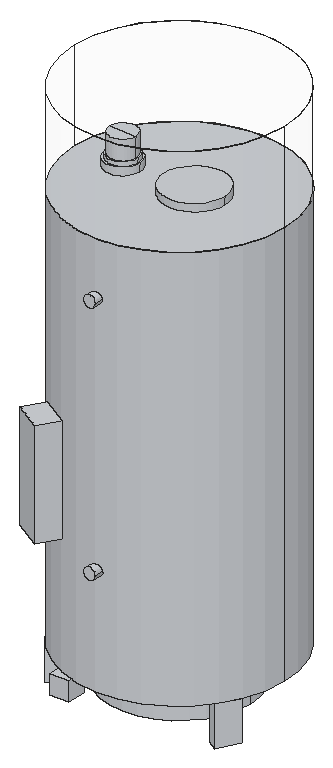
Revit family
Parameters (values of type "CXN120 070")
  water outlet radius = 3/4"
  water inlet radius = 3/4"
  water inlet/outlet length = radius + 1"  # 14 7/8"
  gas conn radius = 3/8"
  gas conn offset = radius * sin(15.00°)  # 3.59111"
  E_Gas conn height = 4 1/4"
  D_water inlet height = 19 11/16"
  vent radius = 2 1/2"
  top clearance = 12"
  tank height = A_HEIGHT - 4"  # 59"
  flue dimension = vent radius + 6"  # 8 1/2"
  bottom of tank radius = radius - 4 1/2"  # 9 3/8"
  bottom of tank height = -1 * feet height + 1"  # -4 1/4"
  SES BIM Studio # = "201264902-43"
  URL = "http://www.lochinvar.com/products/Default.aspx?type=ProductLine&lineid=188"
  Model = "CXN120 070"
  Manufacturer = "Lochinvar"
  MODEL NO. = "CXN120 070"
  GALLON CAPACITY = "71"
  feet height = E_Gas conn height + 1"  # 5 1/4"
  C_water oultlet height = 52"
  B_DIAMETER = radius * 2  # 27 3/4"
  INPUT RATE (BTUH) = "120,000"
  A_HEIGHT = 63"
  FUEL TYPE = "NATURAL GAS"
  Description = "Commercial Water Heater"
  Fuel Type = "Natrual Gas"
  radius = 13 7/8"
Types (10): name | gas conn radius | E_Gas conn height | D_water inlet height | vent radius | tank height | flue dimension | bottom of tank height | Model | MODEL NO. | GALLON CAPACITY | feet height | C_water oultlet height | INPUT RATE (BTUH) | A_HEIGHT
  (no name) | 3/8" | 4 1/4" | 19 11/16" | 2 1/2" | 59" | 8 1/2" | -4 1/4" | "CXN120 070" | "CXN120 070" | "71" | 5 1/4" | 52" | "120,000" | 63"
  CXN120 070 | 3/8" | 4 1/4" | 19 11/16" | 2 1/2" | 59" | 8 1/2" | -4 1/4" | "CXN120 070" | "CXN120 070" | "71" | 5 1/4" | 52" | "120,000" | 63"
  CXN155 080 | 3/8" | 4 1/2" | 20 1/2" | 3" | 64" | 9" | -4 1/2" | "CXN155 080" | "CXN155 080" | "81" | 5 1/2" | 54 3/4" | "154,000" | 68"
  CXN180 100 | 3/8" | 4 1/2" | 20 1/2" | 3" | 68" | 9" | -4 1/2" | "CXN180 100" | "CXN180  100" | "99" | 5 1/2" | 61" | "180,000" | 72"
  CXN199 100 (A) | 3/8" | 4 1/2" | 20 1/2" | 3" | 68" | 9" | -4 1/2" | "CXN199 100 (A)" | "CXN199  100 (A)" | "100" | 5 1/2" | 61" | "199,000" | 72"
  CXN250 100 (A) | 3/8" | 4 1/2" | 20 1/2" | 3" | 68" | 9" | -4 1/2" | "CXN250 100 (A)" | "CXN250  100 (A)" | "100" | 5 1/2" | 61" | "250,000" | 72"
  CXN275 100 (A) | 3/8" | 4 1/2" | 20 1/2" | 3" | 68" | 9" | -4 1/2" | "CXN275 100 (A)" | "CXN275  100 (A)" | "100" | 5 1/2" | 61" | "275,000" | 72"
  CXN310 085 (A) | 3/8" | 4 1/2" | 22 1/2" | 3" | 69" | 9" | -4 1/2" | "CXN310 085 (A)" | "CXN310 085 (A)" | "85" | 5 1/2" | 63" | "310,000" | 73"
  CXN365 085 (A) | 1/2" | 4 1/2" | 22 1/2" | 3" | 69" | 9" | -4 1/2" | "CXN365 085 (A)" | "CXN365 085 (A)" | "85" | 5 1/2" | 63" | "366,000" | 73"
  CXN400 085 (A) | 1/2" | 4 1/2" | 22 1/2" | 3" | 69" | 9" | -4 1/2" | "CXN400 085 (A)" | "CXN400 085 (A)" | "85" | 5 1/2" | 63" | "390,000" | 73"
Reference planes (in)
  plane 1 "Center (Front/Back)": y = 6.125
  plane 2: z = 0
  plane 3 "Center (Left/Right)": x = -1.39218
  plane 4 "Top": z = 59
  plane 5 "Top Clearance": z = 71
  plane 6 "Foot Offset Plane": through (-1.39218, 6.125, 48) normal (-0.866, 0.5, 0)
  plane 7 "Foot Offset Plane 2": through (-1.39218, 6.125, 48) normal (-0.866, -0.5, 0)
  plane 8 "Tank Bottom": z = 5.25
  plane 9 "Elec Box Plane": through (-1.39218, 6.125, 48) normal (0.5, 0.866, 0)
  plane 10 "Elec Box Height": z = 35.25
Forms (in)
  Extrusion 1, solid, material "Clearance"
    sketch origin (0, 0, 59) x (-1, 0, 0) y (0, -1, 0)
      loop
        circle (1.39218, -6.125) r 13.875
    from 0 to 12
  Extrusion 2, solid
    sketch origin (0, 0, 0) x (1, 0, 0) y (0, 1, 0)
      loop
        line (-14.15828, 0.48654) -> (-12.65828, -2.11154) -> (-11.35924, -1.36154) -> (-12.85924, 1.23654) -> (-14.15828, 0.48654)
      loop
        line (9.87392, -2.11154) -> (11.37392, 0.48654) -> (10.07489, 1.23654) -> (8.57489, -1.36154) -> (9.87392, -2.11154)
      loop
        line (-2.89218, 18.5) -> (0.10782, 18.5) -> (0.10782, 20) -> (-2.89218, 20) -> (-2.89218, 18.5)
    from 0 to 5.25 <- "feet height"
  Extrusion 3, solid
    sketch origin (0, 0, 5.25) x (-1, 0, 0) y (0, -1, 0)
      loop
        circle (1.39218, -6.125) r 13.875
    from 0 to 53.75
  Extrusion 4, solid
    sketch origin (0, 0, 5.25) x (-1, 0, 0) y (0, -1, 0)
      loop
        circle (1.39218, -6.125) r 9.375
    from 0 to -4.25 <- "bottom of tank height"
  Extrusion 5, solid
    sketch origin (0, 6.125, 0) x (1, 0, 0) y (0, 0, 1)
      loop
        circle (-1.39218, 19.6875) r 0.75
    from 0 to 14.875 <- "water inlet/outlet length"
  Extrusion 6, solid
    sketch origin (0, 6.125, 17.25) x (1, 0, 0) y (0, 0, 1)
      loop
        circle (-1.39218, 34.75) r 0.75
    from 0 to 14.875 <- "water inlet/outlet length"
  Extrusion 7, solid
    sketch origin (0, 0, 35.25) x (-1, 0, 0) y (0, -1, 0)
      loop
        line (10.16998, 4.8286) -> (11.66998, 7.42668) -> (7.98938, 9.55168) -> (6.48938, 6.9536) -> (10.16998, 4.8286)
    from 0 to -14
  Extrusion 8, solid
    sketch origin (0, 0, 5.25) x (-1, 0, 0) y (0, -1, 0)
      loop
        line (7.48329, 5.25) -> (7.48329, 7.75) -> (4.98329, 7.75) -> (4.98329, 5.25) -> (7.48329, 5.25)
    from 0 to -2.5
  Extrusion 9, solid
    sketch origin (-7.48329, -7.75, 5.25) x (0, 1, 0) y (0, 0, -1)
      loop
        circle (1.26844, 1) r 0.375
    from 0 to 0.5
  Extrusion 10, solid
    sketch origin (-1, 0, 59) x (-1, 0, 0) y (0, -1, 0)
      loop
        circle (-1.60782, -6.125) r 4
    from 0 to 1
  Revolve 11, solid
    sketch origin (2, 6.125, 0) x (1, 0, 0) y (0, 0, 1)
      loop
        line (-10.89218, 59) -> (-8.64218, 59) -> (-8.64218, 60) -> (-8.89218, 60) -> (-8.89218, 60.5) -> (-9.14218, 60.5) -> (-9.14218, 63) -> (-10.89218, 63) -> (-10.89218, 59)
      axis (-10.89218, 63) -> (-10.89218, 59)
    angle from 0 to 360
Dimensions and locks (in)
  "tank height": plane 4 "Top" to level
  "top clearance": plane 5 "Top Clearance" to plane 4 "Top"
  "radius": plane 1 "Center (Front/Back)" to Extrusion 2 sketch curve
  locked: Extrusion 2 sketch curve to Extrusion 2 sketch curve at 3  (x3)
  locked: Extrusion 2 sketch curve to Extrusion 1 at 1.5
  locked: Extrusion 2 sketch curve to Extrusion 2 sketch curve at 1.5  (x2)
  "radius": Extrusion 2 sketch curve to plane 7 "Foot Offset Plane 2"
  "radius": plane 6 "Foot Offset Plane" to Extrusion 2 sketch curve
  "feet height": plane 8 "Tank Bottom" to level
  "D_water inlet height": Extrusion 5 sketch curve to level
  "C_water oultlet height": Extrusion 6 sketch curve to level
  locked: Extrusion 7 sketch curve to Extrusion 7 sketch curve at 3
  locked: Extrusion 7 sketch curve to Extrusion 7 sketch curve at 4.25
  "radius": plane 9 "Elec Box Plane" to Extrusion 7 sketch curve
  locked: Extrusion 8 sketch curve to Extrusion 8 sketch curve at 2.5  (x2)
  "radius": Extrusion 8 sketch curve to plane 1 "Center (Front/Back)"
  "gas conn offset": Extrusion 8 sketch curve to plane 3 "Center (Left/Right)"
  "E_Gas conn height": Extrusion 9 sketch curve to level
  "radius": radius of Extrusion 1 sketch curve
  "radius": radius of Extrusion 3 sketch curve
  "bottom of tank radius": radius of Extrusion 4 sketch curve
  "water inlet radius": radius of Extrusion 5 sketch curve
  "water inlet radius": radius of Extrusion 6 sketch curve
  "gas conn radius": radius of Extrusion 9 sketch curve
  aligned and locked: plane 5 "Top Clearance" to Extrusion 1
  aligned and locked: plane 4 "Top" to Extrusion 3
Automatic sketch dimensions
  plane 1 "Center (Front/Back)" to Extrusion 1 sketch curve = 0"
  Extrusion 1 sketch curve to plane 3 "Center (Left/Right)" = 0"
  Extrusion 2 sketch curve to plane 3 "Center (Left/Right)" = 1 1/2"
  plane 1 "Center (Front/Back)" to Extrusion 2 sketch curve = 4.88846"  (x2)
  plane 1 "Center (Front/Back)" to Extrusion 3 sketch curve = 0"
  Extrusion 3 sketch curve to plane 3 "Center (Left/Right)" = 0"
  plane 1 "Center (Front/Back)" to Extrusion 4 sketch curve = 0"
  Extrusion 4 sketch curve to plane 3 "Center (Left/Right)" = 0"
  Extrusion 5 sketch curve to plane 3 "Center (Left/Right)" = 0"
  Extrusion 6 sketch curve to plane 3 "Center (Left/Right)" = 0"
  Extrusion 7 sketch curve to plane 3 "Center (Left/Right)" = 5.0972"
  Extrusion 8 to Extrusion 9 sketch curve = 1.23156"
  plane 1 "Center (Front/Back)" to Extrusion 10 sketch curve = 0"
  plane 3 "Center (Left/Right)" to Extrusion 10 sketch curve = 2"
  Revolve 11 sketch curve to plane 4 "Top" = 0"
  Revolve 11 sketch curve to plane 3 "Center (Left/Right)" = 7 1/2"
  Revolve 11 sketch curve to Revolve 11 sketch curve = 0"
  Revolve 11 sketch curve to Revolve 11 sketch curve = 1 3/4"
  Revolve 11 sketch curve to Revolve 11 sketch curve = 1/4"  (x2)
  Revolve 11 sketch curve to plane 4 "Top" = 4"
  plane 4 "Top" to Revolve 11 sketch curve = 1"
  Revolve 11 sketch curve to Revolve 11 sketch curve = 1/2"
  Revolve 11 sketch curve to Revolve 11 sketch curve = 2 1/2"
  Revolve 11 sketch curve to plane 5 "Top Clearance" = 2 3/4"
  radius of Extrusion 10 sketch curve = 4"
Connectors (in)
  piping at (-1.39218, -8.75, 19.6875), driven by "water inlet radius"
    settings: on Extrusion 5, index 2, connector radius 3/4", flow factor 0, pipe flow 0 GPM, pressure drop 0.00 psi, fitting loss kfactor 0, connector angle 0.00°, fixture units 0, flow configuration 0, flow direction 1, fitting loss method 0, system type 20, connector reference index -1, connector utility 0, adjustable connector no, is connector primary yes, fitting loss table "", connector description "Water Inlet Conn"
  piping at (-7.98329, -6.48156, 4.25), driven by "gas conn radius"
    settings: on Extrusion 9, index 3, connector radius 3/8", flow factor 0, pipe flow 0 GPM, pressure drop 0.00 psi, fitting loss kfactor 0, connector angle 0.00°, fixture units 0, flow configuration 0, flow direction 1, fitting loss method 0, system type 22, connector reference index -1, connector utility 0, adjustable connector no, is connector primary no, fitting loss table "", connector description "Gas Conn"
  electrical at (-10.91998, -6.12764, 28.25)
    settings: on Extrusion 7, index 4, voltage 120 V, apparent load 0 VA, apparent load phase1 0 VA, apparent load phase2 0 VA, apparent load phase3 0 VA, power factor 1, load classification "Other", number of poles 1, system type 30, power factor state 1, is connector primary yes, connector utility no, sub classification motor no, connector description ""
  piping at (-1.39218, -8.75, 52), driven by "water outlet radius"
    settings: on Extrusion 6, index 5, connector radius 3/4", flow factor 0, pipe flow 0 GPM, pressure drop 0.00 psi, fitting loss kfactor 0, connector angle 0.00°, fixture units 0, flow configuration 0, flow direction 2, fitting loss method 0, system type 19, connector reference index -1, connector utility 0, adjustable connector no, is connector primary no, fitting loss table "", connector description "Water Outlet Conn"
  hvac at (0.60782, 6.125, 60), driven by "vent radius"
    settings: on Extrusion 10, index 6, duct flow 0 CFM, flow factor 0, pres drop 0.00 in-wg, loss coef 0, conn angle 0.00°, conn width 12", conn height 12", conn radius 2 1/2", duct sys type 3, conn prof type 0, flow config 0, flow direction 0, loss method 0, conn ref index -1, conn util no, is conn primary yes, conn desc ""
